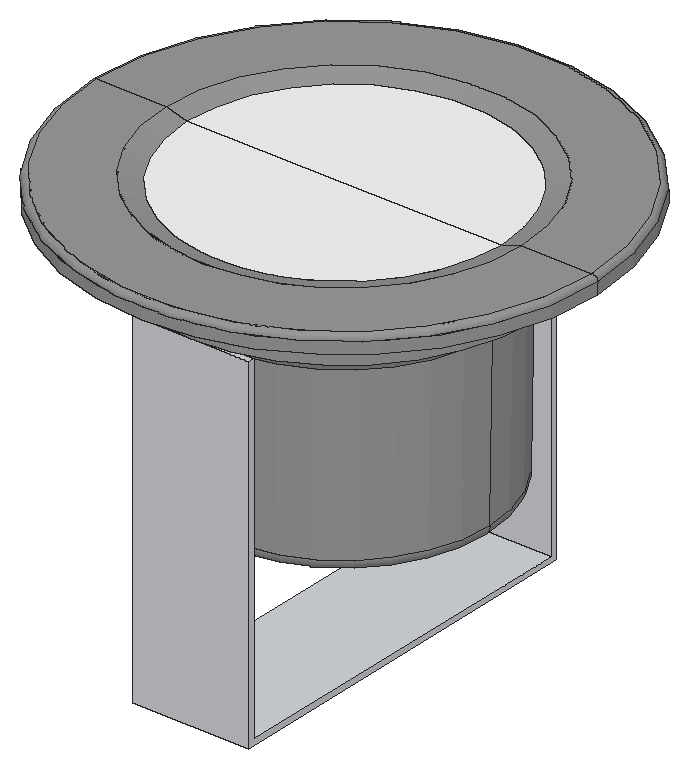
Revit family "0005393", category Lighting Fixtures, host Face, Revit 2017
Family settings
  Host = Face
  Round Connector Dimension = Use Diameter
  Part Type = Normal
  OmniClass Number = 23.80.70.00
  OmniClass Title = Lighting
  Cut with Voids When Loaded = No
  Light Source = Yes
  Shared = No
  Room Calculation Point = No
Parameters (values of type "0005393 ST E SPT LV 630LM 3-CCT IP65 WH 3000K")
  Weight = "0.84 kg"
  Wattage Comments = ""
  Wattage = 7 W
  WarrantyStartDate [instance] = "n/a"
  WarrantyGuarantorParts = "n/a"
  WarrantyDurationUnit = "n/a"
  WarrantyDurationParts = "n/a"
  WarrantyDescription = "n/a"
  built-in parameter 1150110 = 1 (stored number, unit not read)
  Voltage = 0 V
  URL = "http://www.sylvania-lighting.com"
  TypeName = "START ECO SPOT LV 630LM 3-CCT IP65 WH"
  Type Image = <None>
  Type Comments = "n/a"
  built-in parameter 1114217 = 1 (stored number, unit not read)
  Tilt Angle = -90.00°
  built-in parameter 1150109 = 1 (stored number, unit not read)
  built-in parameter 1150134 = 1
  built-in parameter 1150113 = 1 (stored number, unit not read)
  SerialNumber [instance] = "n/a"
  Photometric Web File = "0005393_3000.ies"
  Material_3_SYL = none
  PowerFactor = 0.85
  PowerConsumption = "7 W"
  NominalLength = 87 mm
  NominalHeight = 47 mm
  NominalDepth = 87 mm
  Name = "START ECO SPOT LV 630LM 3-CCT IP65 WH"
  ModelReference = Name  # "START ECO SPOT LV 630LM 3-CCT IP65 WH"
  ModelNumber = "0005393"
  Model = Name  # "START ECO SPOT LV 630LM 3-CCT IP65 WH"
  Material = "abs plastic housing, pc polycarbonate diffuser"
  ManufacturerName = "Feilo Sylvania"
  Manufacturer = "Feilo Sylvania"
  LuminousEfficacy = "90 lm/W"
  built-in parameter 1150105 = 244.44 (stored number, unit not read)
  Lumens = 630 lm
  LuminaireType = ""
  built-in parameter 1150115 = 1 (stored number, unit not read)
  LightOutputRatio = "n/a"
  built-in parameter 1150137 = (empty or 0)
  built-in parameter 1150139 = (empty or 0)
  LampsType = Lamp  # "LED"
  LampNominalLuminous = "630 lm"
  LampMacAdamStep = "6"
  LampColourTemperature = "3000 K"
  LampColourRenderingIndex = "80"
  built-in parameter 1150112 = 1 (stored number, unit not read)
  built-in parameter 1150114 = 1 (stored number, unit not read)
  Lamp = "LED"
  Keynote = "16500"
  InstallationDate [instance] = "n/a"
  InputVoltage = "n/a"
  InputNominalFrequency = "n/a"
  built-in parameter 1150132 = (empty or 0)
  built-in parameter 1150102 = (empty or 0)
  built-in parameter 1150107 = 6500 (stored number, unit not read)
  built-in parameter 1150138 = (empty or 0)
  IngressProtection = "IP65/20"
  ImpactProtectionIndex = "IK03"
  built-in parameter 1150106 = 2.4444 (stored number, unit not read)
  IfcExportType = "IfcLightFixtureType"
  IfcExportAs = "IfcLightFixtureType"
  Emit from Circle Diameter = 54 mm
  Emit Shape Visible in Rendering = no
  ElectricShockClassification = "Class II"
  built-in parameter 1150104 = 8.3613 (stored number, unit not read)
  DocumentationLiterature = "http://www.sylvania-lighting.com/product/en-int/products/0005393"
  DimmingControlOptions = "n/a"
  Material_2_SYL = Diffuser-Sylvania
  Dimming Lamp Color Temperature Shift = <None>
  Description = "Integrated LED recessed spotlight, RAL9016 colour, 630lm, 7.0W, phase dimmable, 3000K/4000K/6500K, 110° degree beam angle, ABS plastic white body, low profile 47mm recessed depth, IP65 from the front, IK03, loop-in/loop-out terminals for fast wiring, 87mm bezel diameter, 68-74mm cutout, clear lens. Can be covered with insulation. Fixture can be covered with insulation. Additional silver bezel included in the packaging. Lifetime: 30.000 hours at L70. Energy Class: A++, A+, A."
  Default Elevation = 1219.2 mm
  CreatedOn = "2/26/2021"
  CreatedBy = "@sylvania-lighting.com"
  Cost = 0
  Color Filter = 16777215
  built-in parameter 1114216 [instance] = (empty or 0)
  ClassificationValue = "EF_70_80"
  ClassificationName = "Uniclass2015"
  Material_1_SYL = Plastic, Opaque White
  BarCode [instance] = "n/a"
  built-in parameter 1114218 = 1 (stored number, unit not read)
  built-in parameter 1150133 = 10 (stored number, unit not read)
  AssetType = "Fixed"
  AssetIdentifier [instance] = "n/a"
  Assembly Code = "D5020200"
  Apparent Load = 7 VA
  Material_4_SYL = none
Types (3, lengths in mm): name | Photometric Web File | LampColourTemperature
  0005393 ST E SPT LV 630LM 3-CCT IP65 WH 6500K | "0005393_6500.ies" | "6500 K"
  0005393 ST E SPT LV 630LM 3-CCT IP65 WH 4000K | "0005393_4000.ies" | "4000 K"
  0005393 ST E SPT LV 630LM 3-CCT IP65 WH 3000K | "0005393_3000.ies" | "3000 K"
Reference planes
  plane 1 "Center (Front/Back)": y = 0
  plane 2: z = 0
  plane 3 "Center (Left/Right)": x = 0
  plane 4: x = -35
  plane 5: z = -100
  plane 6: z = 3
  plane 7: x = -43.5
  plane 8: z = 2
  plane 9: x = -42.5
  plane 10: x = -30.5
  plane 11: x = -27
  plane 12: x = -33
  plane 13: z = -7.5
  plane 14: z = -9.5
  plane 15: x = -25.5
  plane 16: z = -12.5
  plane 17: z = -44
  plane 18: x = -25
  plane 19: z = -67
  plane 20: y = 33
  plane 21: y = 32
  plane 22: y = -33
  plane 23: y = -32
  plane 24: z = -66
  plane 25: x = 10
  plane 26: x = -10
Forms (mm)
  Revolve 1, void
    sketch origin (0, 0, 0) x (1, 0, 0) y (0, 0, 1)
      loop
        line (0, 0) -> (-35, 0) -> (-35, -100) -> (0, -100) -> (0, 0)
      axis (0, 0) -> (0, -100)
    angle from 360 to 0
  Revolve 2, solid, material "Plastic, Opaque White" <- "Material_1_SYL"
    sketch origin (0, 0, 0) x (1, 0, 0) y (0, 0, 1)
      loop
        line (0, 2) -> (-27, 2) -> (-30.5, 3) -> (-42.5, 3)
        arc (-42.5, 3) -> (-43.207, 2.707) -> (-43.5, 2) r 1
        line (-43.5, 2) -> (-43.5, 0) -> (-33, 0) -> (-33, -7.5) -> (-27, -7.5) -> (-27, -9.5) -> (-25.5, -12.5) -> (-25.031, -42.032)
        arc (-25.031, -42.032) -> (-24.434, -43.425) -> (-23.031, -44) r 2
        line (-23.031, -44) -> (0, -44) -> (0, 2)
      axis (0, 3) -> (0, -44)
    angle from 360 to 0
  Extrusion 3, solid
    sketch origin (319, 1524, 1219.2) x (0, 1, 0) y (0, 0, 1)
      loop
        line (-1492, -1226.7) -> (-1492, -1285.2) -> (-1556, -1285.2) -> (-1556, -1226.7) -> (-1557, -1226.7) -> (-1557, -1286.2) -> (-1491, -1286.2) -> (-1491, -1226.7) -> (-1492, -1226.7)
    from -329 to -309
Lines and regions (mm)
  reference lines
    curve 1: line (-25, 0, -44) -> (-25.5, 0, -12.5)
Dimensions and locks
  locked: plane 3 "Center (Left/Right)" to plane 4 at 35
  locked: plane 2 to plane 5 at 100
  locked: plane 6 to plane 2 at 3
  locked: plane 3 "Center (Left/Right)" to plane 7 at 43.5
  locked: plane 6 to plane 8 at 1
  locked: plane 9 to plane 7 at 1
  locked: plane 3 "Center (Left/Right)" to plane 10 at 30.5
  locked: plane 3 "Center (Left/Right)" to plane 11 at 27
  locked: plane 3 "Center (Left/Right)" to plane 12 at 33
  locked: plane 2 to plane 13 at 7.5
  locked: plane 13 to plane 14 at 2
  locked: plane 3 "Center (Left/Right)" to plane 15 at 25.5
  locked: plane 14 to plane 16 at 3
  locked: plane 6 to plane 17 at 47
  locked: plane 3 "Center (Left/Right)" to plane 18 at 25
  plane 19 to plane 6 = 70 mm
  aligned and locked: plane 2 to host face
  aligned and locked: level to host face
  aligned and locked: Revolve 1 sketch curve to plane 3 "Center (Left/Right)"
  aligned and locked: level to Revolve 1 sketch curve
  aligned and locked: plane 3 "Center (Left/Right)" to Revolve 1 sketch curve
  aligned and locked: Revolve 1 sketch curve to plane 4
  aligned and locked: plane 5 to Revolve 1 sketch curve
  aligned and locked: plane 3 "Center (Left/Right)" to Revolve 2 sketch curve  (x2)
  aligned and locked: Revolve 2 sketch curve to plane 8
  aligned and locked: plane 6 to Revolve 2 sketch curve
  aligned and locked: Revolve 2 sketch curve to plane 6
  aligned and locked: level to Revolve 2 sketch curve
  aligned and locked: Revolve 2 sketch curve to plane 7
  aligned and locked: plane 12 to Revolve 2 sketch curve
  aligned and locked: Revolve 2 sketch curve to level
  aligned and locked: Revolve 2 sketch curve to plane 12
  aligned and locked: plane 13 to Revolve 2 sketch curve
  aligned and locked: plane 9 to Revolve 2 sketch curve
  aligned and locked: plane 8 to Revolve 2 sketch curve
  aligned and locked: plane 14 to Revolve 2 sketch curve
  aligned and locked: Revolve 2 sketch curve to plane 11
  aligned and locked: plane 15 to Revolve 2 sketch curve
  aligned and locked: plane 17 to Revolve 2 sketch curve
  aligned and locked: plane 18 to curve 1
  aligned and locked: plane 17 to curve 1
  aligned and locked: plane 16 to curve 1
  aligned and locked: plane 15 to curve 1
  aligned and locked: Revolve 2 sketch curve to curve 1
  aligned and locked: plane 3 "Center (Left/Right)" to imposter light
  aligned and locked: imposter light to plane 8
  aligned and locked: imposter light to plane 1 "Center (Front/Back)"
  aligned and locked: plane 26 to Extrusion 3
  aligned and locked: Extrusion 3 to plane 25
Connectors
  electrical at (0, 0, 0), driven by "Apparent Load", driven by "PowerFactor", driven by "Voltage"
    settings: index 1, voltage 0 V, apparent load 7 VA, apparent load phase1 0 VA, apparent load phase2 0 VA, apparent load phase3 0 VA, power factor 0.85, load classification "Lighting", number of poles 1, system type 30, power factor state 1, is connector primary yes, connector utility no, sub classification motor no, connector description ""
